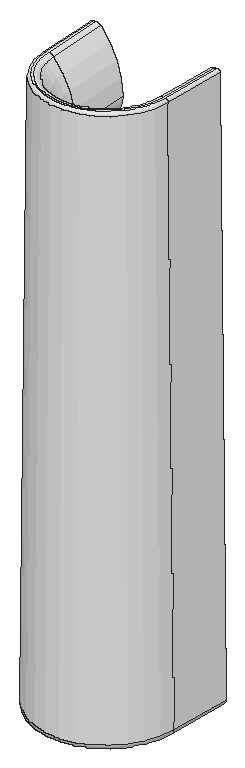
Revit family "PlumbingFixture_GroheLimited_BauCeramicFullPedestal_39425000_METRIC1", category Plumbing Fixtures, Revit 2015
Parameters (values of type "39425000")
  _DistributedBy = "www.bimstore.co.uk"
  _CurrentRevision = 1
  _CreatedBy = "www.bimstore.co.uk"
  _BimSpecGuid = 0
  _BSBibleVersion = 14
  _AuthorizedBy = "Kris Atkinson"
  _Author = "Ian Holmes"
  Waste Connection = yes
  WarrantyStartDate [instance] = "Please Record On Commissioning."
  WarrantyGuarantorParts = "info-uk@grohe.com"
  WarrantyGuarantorLabor = "info-uk@grohe.com"
  WarrantyDurationUnit = "Years"
  WarrantyDurationParts = "n/a"
  WarrantyDurationLabor = "n/a"
  WarrantyDescription = "n/a"
  WFU = 0
  Vent Connection = no
  URL = "www.grohe.com"
  TypeName = "Bau Ceramic Full Pedestal"
  Type Comments = "39425000"
  SpareParts = "n/a"
  Size = "n/a"
  Shape = "n/a"
  SerialNumber [instance] = "Please Record On Commissioning."
  ReplacementCost = "n/a"
  ReferencedStandard = "n/a"
  ProductionYear = "2017"
  ProductPageURL = "https://www.grohe.co.uk/en_gb/full-pedestal-39425000.html"
  ProductDocumentationLink = "https://www.grohe.co.uk/en_gb/full-pedestal-39425000.html"
  PrimaryMaterial = Ceramic, White
  PercentageOfRecycledContent = "n/a"
  OffsetFromLevel [instance] = 707.846 mm
  NominalLength = 0 mm
  NominalHeight = 0 mm
  NominalDepth = 0 mm
  NBSReference = "45-35-70/365"
  NBSOfficeMasterTag = "n/a"
  NBSObjectName = "Grohe Limited -  Pedestal wash basins"
  NBSNote = ""
  NBSDescription = "Pedestal wash basins"
  ModelReference = "Bau Ceramic Full Pedestal"
  ModelNumber = "39425000"
  Model = "Bau Ceramic Full Pedestal"
  Material = "Ceramic"
  MasterformatTitle = "Sanitary Facilities"
  MasterformatNumber = "01 52 19"
  ManufacturerName = "Grohe Limited"
  Manufacturer = "Grohe Limited"
  LowEmittingMaterial = no
  LEEDCredit = "n/a"
  Keynote = "N13"
  InstallationDate [instance] = "Please Record On Commissioning."
  IndustryStandards = "n/a"
  IfcExportType = "IfcPipeFittingType"
  IfcExportAs = "IfcPipeFitting"
  HotWaterConnectionDiameter = 10 mm
  HWFU = 4.5
  HW Connection = no
  Grade = "n/a"
  Finish = "Ceramic"
  Features = "vitreous China. including fixation set."
  ExpectedLife = 0
  Ecojoy = no
  DurationUnit = "Years"
  DocumentationTechnical = "n/a"
  DocumentationMaintenance = "n/a"
  DocumentationLiterature = "n/a"
  DocumentationInstallationGuide = "n/a"
  DocumentationCertificates = "n/a"
  Description = "vitreous China. including fixation set."
  CreatedOn = "2017-07-01T09:00:00"
  CreatedBy = "info-uk@grohe.com"
  Cost = 0
  Constituents = "n/a"
  Color = "White"
  ColdWaterConnectionDiameter = 10 mm
  CodePerformance = "n/a"
  ClassificationValue = "Pr_40_20_96_63"
  ClassificationName = "Uniclass2015"
  CWFU = 4.5
  CW Connection = no
  BarCode [instance] = "Please Record On Commissioning."
  BIMObjectName = "PlumbingFixture_GroheLimited_BauCeramicFullPedestal_39425000_METRIC"
  AssetType = "Fixed"
  AssetIdentifier [instance] = "Please Record On Commissioning."
  Assembly Code = "D2010"
  AccessibilityPerformance = "n/a"
  ADACompliant = no
Reference planes
  plane 1 "Center (Front/Back)": y = 0
  plane 2: z = 0
  plane 3 "Center (Left/Right)": x = 0
  plane 4 "OffsetFromLevel": z = 707.846
Dimensions and locks
  "OffsetFromLevel": plane 4 "OffsetFromLevel" to plane 2
  aligned and locked: level to plane 2
  aligned and locked: plane 1 "Center (Front/Back)" to nested 1
  aligned and locked: plane 3 "Center (Left/Right)" to nested 1
  aligned and locked: plane 4 "OffsetFromLevel" to nested 1
Nested families
  nested 1: "39425000" at (0, 0, 0), type "39425000"
Definition of nested family "39425000"
  Parameters (values of type "39425000")
    Waste Connection = yes
    WFU = 0
    Vent Connection = no
    URL = "www.grohe.com"
    Type Comments = "39425000"
    PrimaryMaterial = none
    Model = "Bau Ceramic Full Pedestal"
    Manufacturer = "Grohe Limited"
    Keynote = "N13"
    HWFU = 4.5
    HW Connection = no
    Description = "vitreous China. including fixation set."
    Cost = 0
    CWFU = 4.5
    CW Connection = no
    Assembly Code = "D2010"
  Reference planes
    plane 1 "Center (Front/Back)": y = 0
    plane 2: z = 0
    plane 3 "Center (Left/Right)": x = 0
    plane 4: z = 707.846
  Forms (mm)
    Sweep 1, solid, material <- "PrimaryMaterial"
      path in 3D
        loop
          line (88.787, 31.916, 0) -> (84.948, -78.017, 0)
          arc (84.948, -78.017, 0) -> (0, -160.051, 0) -> (-84.948, -78.017, 0) r 85
          line (-84.948, -78.017, 0) -> (-88.787, 31.916, 0)
      profile origin (-86.868, -23.051, 0) x (-0.999391, -0.034899, 0) y (0, 0, 1)
        loop
          line (-0.062, 6.069) -> (-7.156, 704.382)
          arc (-7.156, 704.382) -> (-8.194, 706.834) -> (-10.656, 707.846) r 3.5
          line (-10.656, 707.846) -> (-13.631, 707.846)
          arc (-13.631, 707.846) -> (-17.093, 707.1) -> (-19.939, 704.993) r 8.4
          arc (-19.939, 704.993) -> (-39.559, 672.676) -> (-46.858, 635.581) r 108.153
          arc (-46.858, 635.581) -> (-45.721, 626.735) -> (-42.08, 618.594) r 30.574
          arc (-42.08, 618.594) -> (-35.466, 603.988) -> (-33.201, 588.115) r 56.753
          line (-33.201, 588.115) -> (-33.201, 70.98)
          arc (-33.201, 70.98) -> (-33.116, 69.674) -> (-32.86, 68.391) r 10
          line (-32.86, 68.391) -> (-21.948, 27.666)
          arc (-21.948, 27.666) -> (-22.232, 24.288) -> (-24.605, 21.868) r 5
          line (-24.605, 21.868) -> (-32.736, 17.945)
          arc (-32.736, 17.945) -> (-33.973, 16.838) -> (-34.432, 15.243) r 3
          line (-34.432, 15.243) -> (-34.432, 1)
          arc (-34.432, 1) -> (-34.14, 0.293) -> (-33.432, 0) r 1
          line (-33.432, 0) -> (-6.069, 0)
          arc (-6.069, 0) -> (-1.799, 1.781) -> (-0.062, 6.069) r 6.008
    Extrusion 2, void
      sketch origin (0, 0, 0) x (1, 0, 0) y (0, 1, 0)
        loop
          line (105, 0) -> (105, 50) -> (-105, 50) -> (-105, 0) -> (105, 0)
      from -40.075 to 741.993
  Cuts and joins
    Extrusion 2 cuts Sweep 1
  Lines and regions (mm)
    reference lines
      curve 1: arc (-84.948, -78.017, 0) -> (0, -160.051, 0) -> (84.948, -78.017, 0) r 85
      curve 2: line (84.948, -78.017, 0) -> (88.787, 31.916, 0)
      curve 3: line (-84.948, -78.017, 0) -> (-88.787, 31.916, 0)
    sketch lines
      curve 4: line (-84.948, -78.017, 0) -> (-88.787, 31.916, 0)
      curve 5: arc (-84.948, -78.017, 0) -> (0, -160.051, 0) -> (84.948, -78.017, 0) r 85
      curve 6: line (84.948, -78.017, 0) -> (88.787, 31.916, 0)
  Dimensions and locks
    aligned and locked: level to plane 2
